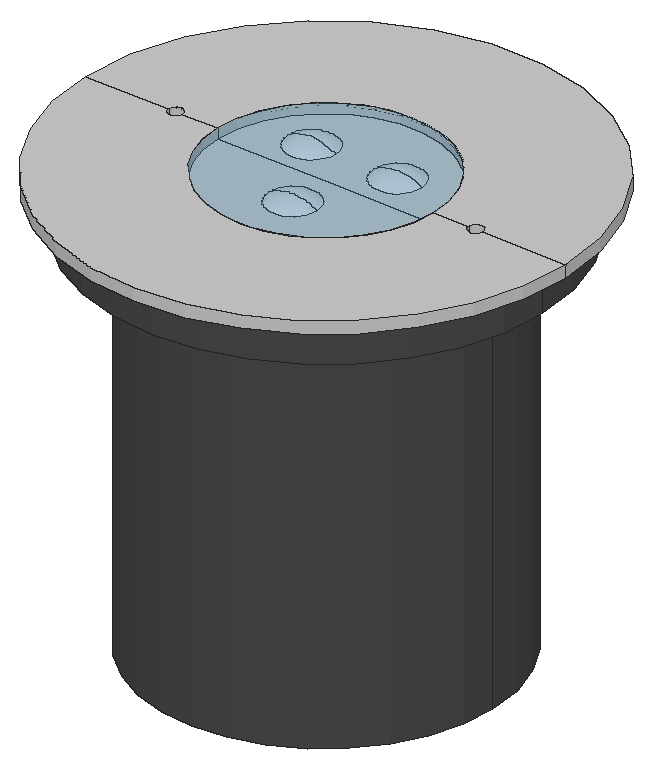
Revit family "INGROUND 12W RGBW_LKPA2BE0320.22", category Luminarias, Revit 2019
Family settings
  Cota de conector redondo = Diámetro de uso
  Tipo de pieza = Normal
  Se basa en plano de trabajo = Sí
  Siempre vertical = No
  Corte con vacíos al cargar = No
  Origen de luz = Sí
  Compartido = No
  Punto de cálculo de habitación = No
Parameters (values of type "EMP_LKPA2BE0320.22")
  Ángulo de inclinación = 105.00°
  Ángulo de enfoque = 22.00°
  Ángulo de campo de foco = 22.00°
  Zone [instance] = ""
  Watt per fixture = 14.6
  Wattage = 2.8948 W
  built-in parameter 1150107 = 3000 (stored number, unit not read)
  built-in parameter 1150110 = 1 (stored number, unit not read)
  built-in parameter 1150109 = 1 (stored number, unit not read)
  built-in parameter 1150112 = 1 (stored number, unit not read)
  built-in parameter 1150113 = 1 (stored number, unit not read)
  built-in parameter 1114218 = 1 (stored number, unit not read)
  Keynote = ""
  built-in parameter 1150137 = (empty or 0)
  built-in parameter 1150132 = 2
  Modelo = "LKPA2BE0320.22"
  Lámpara = "RGBW"
  Longitud de símbolo de origen de luz = 500 mm
  built-in parameter 1150105 = 1437.7 (stored number, unit not read)
  built-in parameter 1150102 = (empty or 0)
  built-in parameter 1150106 = 14.377 (stored number, unit not read)
  Lumens = 430 lm
  Color Filter = 16777215
  built-in parameter 1114217 = 1 (stored number, unit not read)
  built-in parameter 1150139 = (empty or 0)
  Fabricante = "BRILLANT"
  Default Elevation = 0 mm
  built-in parameter 1150104 = 13.8 (stored number, unit not read)
  Descripción = "LUMINARIA TIPO CIRCULAR PARA EMPOTRAR EN PISO CON CUERPO DE ALUMINIO FUNDIDO A PRESION CUBIERTO CON POLVO GRIS OSCURO, CON CUBIERTA DE ACERO INOXIDABLE Y VIDRIO TEMPLADO DE 8MM, HOUSING PVC DE 156.5MM DE DIAMETRO Y 149.5MM DE PROFUNDO. CUENTA CON 3 LED CON UNA POTENCIA TOTAL DE 14.6W, TECNOLOGIA RGBW CON 430 LUMENES, 610mA EN CORRIENTE DE OPERACIÓN, IP67, IK07, APERTURA EN 22 GRADOS POR STOCK, ALIMENTADA A 24V. REQUIERE ACCESORIOS."
  built-in parameter 1150115 = 1 (stored number, unit not read)
  built-in parameter 1150114 = 1 (stored number, unit not read)
  Comentarios de vataje = "24V"
  built-in parameter 1150138 = (empty or 0)
  built-in parameter 1150134 = (empty or 0)
  Circuit [instance] = ""
  Dimming Lamp Color Temperature Shift = (empty or 0)
  built-in parameter 1150133 = 10 (stored number, unit not read)
Reference planes
  plane 1 "Centro (Frontal/Posterior)": y = 0
  plane 2: z = 0
  plane 3 "Centro (Izquierda/Derecha)": x = 0
  plane 4: z = -149.5
  plane 5: x = -653.678
  plane 6: x = 600
  plane 7: x = -67.5
  plane 8: x = 67.5
  plane 9: z = -77
  plane 10 "PEND": y = 13.75
  plane 11 "Centro I/E": y = -15
  plane 12: x = -63.5
  plane 13: x = 63.5
  plane 14: z = -58
Forms (mm)
  Revolve 1, solid, material "Acero Inoxidable"
    sketch origin (0, 0, 0) x (1, 0, 0) y (0, 0, 1)
      loop
        line (-38.945, 3.372) -> (-86.5, 3.372) -> (-86.5, -0.88) -> (-67.5, -0.88) -> (-67.5, -12.767) -> (-51.169, -12.767) -> (-51.169, -25.88)
        arc (-51.169, -25.88) -> (-46.79, -30.26) -> (-51.169, -34.639) r 4.379
        line (-51.169, -34.639) -> (-51.169, -39.639)
        arc (-51.169, -39.639) -> (-46.79, -44.018) -> (-51.169, -48.397) r 4.379
        line (-51.169, -48.397) -> (-51.169, -57.128) -> (0, -57.128) -> (0, 0) -> (-38.945, 0) -> (-38.945, 3.372)
      axis (0, 3.372) -> (0, -57.128)
    angle from 0 to 360
  Revolve 2, solid
    sketch origin (14.219, 13.75, 0) x (-1, 0, 0) y (0, 0, 1)
      loop
        line (30.469, 0) -> (39.129, 0)
        arc (39.129, 0) -> (35.004, 1.961) -> (30.469, 2.5) r 14.087
        line (30.469, 2.5) -> (30.469, 0)
      axis (30.469, 2.5) -> (30.469, 0)
    angle from 0 to 360
  Extrusion 3, solid, material "Cristal"
    sketch origin (0, 0, 0) x (1, 0, 0) y (0, 1, 0)
      loop
        circle (0, 0) r 39.068
    from 2.552 to 3.372
  Extrusion 4, solid, material "Plastico"
    sketch origin (-21.775, 89.79, -72.302) x (1, 0, 0) y (0, 0, -1)
      loop
        circle (0, 0) r 10
    from -58 to -47.282
  Extrusion 5, solid, material "Cobre"
    sketch origin (-21.775, 89.79, -72.302) x (1, 0, 0) y (0, 0, -1)
      loop
        line (12.101, 0) -> (6.051, 10.48) -> (-6.051, 10.48) -> (-12.101, 0) -> (-6.051, -10.48) -> (6.051, -10.48) -> (12.101, 0)
    from -47.282 to -41.61
  Revolve 6, solid, material "Plastico"
    sketch origin (0, 0, 0) x (1, 0, 0) y (0, 0, 1)
      loop
        line (-78.25, -0.88) -> (-78.25, -15.267) -> (-60.349, -15.267) -> (-60.349, -149.5) -> (0, -149.5) -> (0, -147) -> (-57.805, -147) -> (-57.805, -12.767) -> (-75.682, -12.767) -> (-75.682, -0.88) -> (-78.25, -0.88)
      axis (0, -0.88) -> (0, -149.5)
    angle from 0 to 360
  Extrusion 7, void
    sketch origin (0, 0, 0) x (1, 0, 0) y (0, 1, 0)
      loop
        circle (-54.125, 0) r 2.557
      loop
        circle (54.125, 0) r 2.557
    from -3.838 to 7.824
  Extrusion 8, solid, material "Plastico"
    sketch origin (0, 0, 0) x (1, 0, 0) y (0, 1, 0)
      loop
        line (-8.088, -50.525) -> (-8.088, -57.237)
        arc (-8.088, -57.237) -> (0, -57.805) -> (8.088, -57.237) r 57.805
        line (8.088, -57.237) -> (8.088, -50.525)
        arc (8.088, -50.525) -> (0, -51.169) -> (-8.088, -50.525) r 51.169
      loop
        arc (-8.088, 50.525) -> (0, 51.169) -> (8.088, 50.525) r 51.169
        line (8.088, 50.525) -> (8.088, 57.237)
        arc (8.088, 57.237) -> (0, 57.805) -> (-8.088, 57.237) r 57.805
        line (-8.088, 57.237) -> (-8.088, 50.525)
      loop
        arc (-50.525, -8.088) -> (-51.169, 0) -> (-50.525, 8.088) r 51.169
        line (-50.525, 8.088) -> (-57.237, 8.088)
        arc (-57.237, 8.088) -> (-57.805, 0) -> (-57.237, -8.088) r 57.805
        line (-57.237, -8.088) -> (-50.525, -8.088)
      loop
        line (50.525, -8.088) -> (57.237, -8.088)
        arc (57.237, -8.088) -> (57.805, 0) -> (57.237, 8.088) r 57.805
        line (57.237, 8.088) -> (50.525, 8.088)
        arc (50.525, 8.088) -> (51.169, 0) -> (50.525, -8.088) r 51.169
    from -19.859 to -15.267
  Revolve 9, solid
    sketch origin (30.469, -15, 0) x (-1, 0, 0) y (0, 0, 1)
      loop
        line (30.469, 0) -> (39.129, 0)
        arc (39.129, 0) -> (35.004, 1.961) -> (30.469, 2.5) r 14.087
        line (30.469, 2.5) -> (30.469, 0)
      axis (30.469, 2.5) -> (30.469, 0)
    angle from 0 to 360
  Revolve 10, solid
    sketch origin (45.302, 13.75, 0) x (-1, 0, 0) y (0, 0, 1)
      loop
        line (30.469, 0) -> (39.129, 0)
        arc (39.129, 0) -> (35.004, 1.961) -> (30.469, 2.5) r 14.087
        line (30.469, 2.5) -> (30.469, 0)
      axis (30.469, 2.5) -> (30.469, 0)
    angle from 0 to 360
  Extrusion 11, solid, material "Acero Inoxidable"
    sketch origin (0, 0, 0) x (1, 0, 0) y (0, 1, 0)
      loop
        line (39.068, 0) -> (39.068, 35) -> (-38.945, 35) -> (-38.945, 0) -> (39.068, 0)
    from -87.809 to -57.128
  Extrusion 12, solid, material "Plastico"
    sketch origin (21.775, 89.79, -72.302) x (-1, 0, 0) y (0, 0, 1)
      loop
        circle (0, 0) r 10
    from -58 to -47.282
  Extrusion 13, solid, material "Cobre"
    sketch origin (21.775, 89.79, -72.302) x (-1, 0, 0) y (0, 0, 1)
      loop
        line (12.101, 0) -> (6.051, 10.48) -> (-6.051, 10.48) -> (-12.101, 0) -> (-6.051, -10.48) -> (6.051, -10.48) -> (12.101, 0)
    from -47.282 to -41.61
Cuts and joins
  Extrusion 7 cuts Revolve 1
Dimensions and locks
  plane 2 to plane 4 = 149.5 mm
  level to plane 4 = 149.5 mm
  equal spacing: plane 7, plane 3 "Centro (Izquierda/Derecha)", plane 8
  plane 7 to plane 3 "Centro (Izquierda/Derecha)" = 67.5 mm
  plane 7 to plane 8 = 135 mm
  level to plane 9 = 77 mm
  plane 8 to plane 7 = 135 mm
  equal spacing: plane 13, plane 3 "Centro (Izquierda/Derecha)", plane 12
  plane 3 "Centro (Izquierda/Derecha)" to plane 12 = 63.5 mm
  plane 13 to plane 12 = 127 mm
  plane 2 to plane 14 = 58 mm
  Revolve 1 sketch curve to Revolve 1 sketch curve = 86.5 mm
  Revolve 6 sketch curve to Revolve 6 sketch curve = 78.25 mm
  aligned and locked: level to plane 2
  aligned and locked: Extrusion 5 to Extrusion 4
  aligned and locked: Extrusion 12 to Extrusion 13
Automatic sketch dimensions
  Revolve 1 sketch curve to plane 7 = 0 mm
  Revolve 1 sketch curve to level = 0 mm
  Revolve 1 sketch curve to plane 3 "Centro (Izquierda/Derecha)" = 0 mm  (x2)
  Revolve 1 sketch curve to plane 9 = 0 mm
  plane 14 to Revolve 1 sketch curve = 0.872 mm
  plane 12 to Revolve 1 sketch curve = 12.331 mm
  Revolve 1 sketch curve to Revolve 1 sketch curve = 12.224 mm
  Revolve 1 sketch curve to Revolve 1 sketch curve = 8.731 mm
  Revolve 1 sketch curve to Revolve 1 sketch curve = 4.379 mm  (x2)
  Revolve 1 sketch curve to Revolve 1 sketch curve = 5 mm
  Revolve 1 sketch curve to level = 12.767 mm
  Revolve 1 sketch curve to level = 0.88 mm
  level to Revolve 1 sketch curve = 3.372 mm
  level to Revolve 1 sketch curve = 40 mm
  Revolve 2 sketch curve to level = 0 mm  (x2)
  Revolve 2 sketch curve to plane 3 "Centro (Izquierda/Derecha)" = 16.25 mm
  Revolve 2 sketch curve to Revolve 2 sketch curve = 0.628 mm  (x2)
  Revolve 2 sketch curve to Revolve 2 sketch curve = 8.66 mm
  Revolve 2 sketch curve to level = 11.573 mm
  Revolve 2 sketch curve to Revolve 2 sketch curve = 5.189 mm
  plane 1 "Centro (Frontal/Posterior)" to Extrusion 3 sketch curve = 0 mm
  Extrusion 3 sketch curve to plane 3 "Centro (Izquierda/Derecha)" = 0 mm
  Extrusion 4 sketch curve to plane 3 "Centro (Izquierda/Derecha)" = 21.775 mm
  Extrusion 4 sketch curve to plane 14 = 14.302 mm
  Extrusion 5 sketch curve to plane 14 = 14.302 mm
  plane 12 to Extrusion 5 sketch curve = 29.624 mm
  Extrusion 5 sketch curve to Extrusion 5 sketch curve = 6.051 mm  (x2)
  Extrusion 5 sketch curve to plane 14 = 3.822 mm
  Extrusion 5 sketch curve to Extrusion 5 sketch curve = 12.101 mm  (x2)
  Extrusion 5 sketch curve to plane 3 "Centro (Izquierda/Derecha)" = 9.674 mm
  Extrusion 5 sketch curve to Extrusion 5 sketch curve = 10.48 mm  (x2)
  Revolve 6 sketch curve to plane 4 = 0 mm
  Revolve 6 sketch curve to plane 3 "Centro (Izquierda/Derecha)" = 0 mm  (x2)
  Revolve 6 sketch curve to Revolve 6 sketch curve = 2.568 mm
  plane 12 to Revolve 6 sketch curve = 3.151 mm
  Revolve 6 sketch curve to Revolve 6 sketch curve = 2.544 mm
  plane 4 to Revolve 6 sketch curve = 2.5 mm
  Revolve 6 sketch curve to level = 15.267 mm
  Revolve 6 sketch curve to Revolve 6 sketch curve = 2.5 mm
  Revolve 6 sketch curve to level = 0.88 mm
  Revolve 6 sketch curve to plane 4 = 33.38 mm
  level to Revolve 6 sketch curve = 26.62 mm
  plane 1 "Centro (Frontal/Posterior)" to Extrusion 7 sketch curve = 0 mm  (x2)
  plane 12 to Extrusion 7 sketch curve = 9.375 mm
  Extrusion 7 sketch curve to plane 13 = 9.375 mm
  Extrusion 8 sketch curve to Extrusion 8 sketch curve = 0 mm  (x58)
  plane 1 "Centro (Frontal/Posterior)" to Extrusion 8 sketch curve = 0 mm
  Extrusion 8 sketch curve to plane 3 "Centro (Izquierda/Derecha)" = 0 mm
  Extrusion 8 sketch curve to plane 3 "Centro (Izquierda/Derecha)" = 8.088 mm  (x2)
  plane 12 to Extrusion 8 sketch curve = 12.975 mm
  Extrusion 8 sketch curve to plane 10 "PEND" = 5.662 mm  (x2)
  plane 12 to Extrusion 8 sketch curve = 6.263 mm
  plane 3 "Centro (Izquierda/Derecha)" to Extrusion 8 sketch curve = 8.088 mm  (x2)
  Extrusion 8 sketch curve to plane 13 = 12.975 mm
  Extrusion 8 sketch curve to plane 13 = 6.263 mm
  Extrusion 8 sketch curve to plane 11 "Centro I/E" = 35.525 mm
  Extrusion 8 sketch curve to Extrusion 8 sketch curve = 6.711 mm  (x2)
  plane 10 "PEND" to Extrusion 8 sketch curve = 36.775 mm
  Revolve 9 sketch curve to level = 0 mm  (x2)
  Revolve 9 sketch curve to plane 3 "Centro (Izquierda/Derecha)" = 0 mm  (x2)
  Revolve 9 sketch curve to plane 3 "Centro (Izquierda/Derecha)" = 0.628 mm
  Revolve 9 sketch curve to Revolve 9 sketch curve = 8.66 mm
  Revolve 9 sketch curve to level = 11.573 mm
  Revolve 9 sketch curve to Revolve 9 sketch curve = 5.189 mm
  Revolve 10 sketch curve to level = 0 mm  (x2)
  plane 3 "Centro (Izquierda/Derecha)" to Revolve 10 sketch curve = 14.833 mm
  Revolve 10 sketch curve to Revolve 10 sketch curve = 0.628 mm  (x2)
  plane 3 "Centro (Izquierda/Derecha)" to Revolve 10 sketch curve = 6.173 mm
  Revolve 10 sketch curve to level = 11.573 mm
  Revolve 10 sketch curve to Revolve 10 sketch curve = 5.189 mm
  plane 1 "Centro (Frontal/Posterior)" to Extrusion 11 sketch curve = 0 mm
  plane 12 to Extrusion 11 sketch curve = 24.555 mm
  Extrusion 11 sketch curve to plane 13 = 24.432 mm
  plane 10 "PEND" to Extrusion 11 sketch curve = 21.25 mm
  plane 3 "Centro (Izquierda/Derecha)" to Extrusion 12 sketch curve = 21.775 mm
  Extrusion 12 sketch curve to plane 14 = 14.302 mm
  Extrusion 13 sketch curve to plane 14 = 14.302 mm
  Extrusion 13 sketch curve to plane 13 = 29.624 mm
  Extrusion 13 sketch curve to Extrusion 13 sketch curve = 6.051 mm  (x2)
  Extrusion 13 sketch curve to plane 14 = 3.822 mm
  Extrusion 13 sketch curve to Extrusion 13 sketch curve = 12.101 mm  (x2)
  plane 3 "Centro (Izquierda/Derecha)" to Extrusion 13 sketch curve = 9.674 mm
  Extrusion 13 sketch curve to Extrusion 13 sketch curve = 10.48 mm  (x2)
  radius of Extrusion 3 sketch curve = 39.068 mm
  radius of Extrusion 4 sketch curve = 10 mm
  radius of Extrusion 7 sketch curve = 2.557 mm  (x2)
  radius of Extrusion 12 sketch curve = 10 mm
Connectors
  electrical at (0, 0, -149.5)
    settings: on Revolve 6, index 1, voltage 24 V, apparent load 0 VA, apparent load phase1 0 VA, apparent load phase2 0 VA, apparent load phase3 0 VA, power factor 1, load classification "Otro", number of poles 1, system type 31, power factor state 1, is connector primary yes, connector utility no, sub classification motor no, connector description ""
